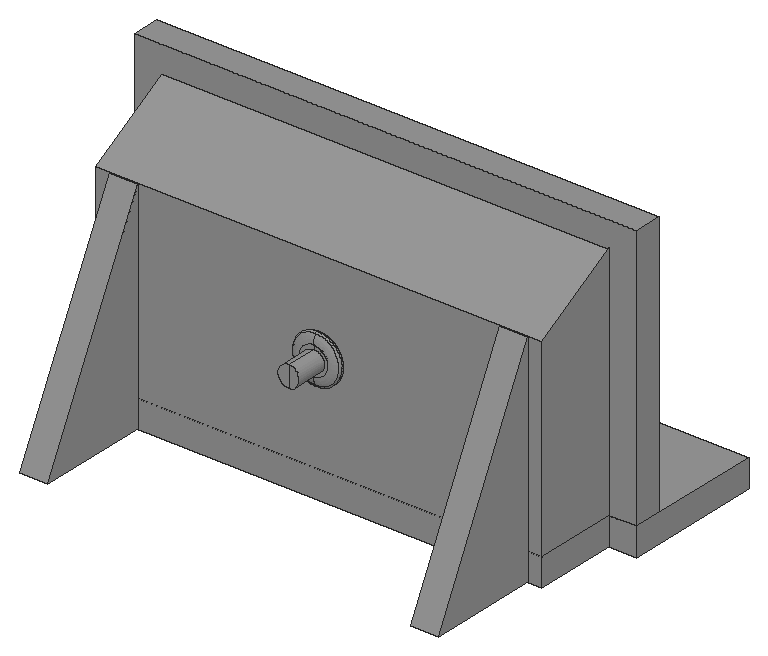
Revit family "Multi_Station_Sink-Willougby-CWMES-3620", category Plumbing Fixtures, Revit 2015
Parameters (values of type "3620")
  Width = 3' - 0"
  Waste DIA = 1 1/2"
  Waste Connection = yes
  Vent Connection = no
  URL = "https://www.willoughby-ind.com/wp-content/uploads/2018/01/CWMES.pdf"
  Type Comments = ""
  Revision = "A"
  Model = "CWMES-3620"
  Manufacturer = "Willoughby Industries"
  HW Connection = no
  Fixture Body = Stainless Steel AISI 304-Willoughby(2)
  Description = "Multi-Station Hand Sink, 36\" Wide, 2 Stations"
  Default Elevation = 0' - 0"
  Contact = "800-428-4065"
  CW Connection = no
  36" x 20" = yes
Reference planes (in)
  plane 1 "Center (Front/Back)": y = 0
  plane 2: z = 0
  plane 3 "Center (Left/Right)": x = 0
  plane 4 "Left Side": x = -18
  plane 5 "Right Side": x = 18
  plane 6 "Top Of Sink": y = 34
  plane 7 "Top Of Unit": y = 42
  plane 8 "Bottom Of Sink": y = 26
  plane 9 "Mounting Brkt": y = 18
  plane 10: z = 9.125
Forms (in)
  Extrusion 1, solid, material "Stainless Steel AISI 304-Willoughby(2)" <- "Fixture Body"
    sketch origin (0, 0, 0) x (1, 0, 0) y (0, 1, 0)
      loop
        line (-18, 42) -> (-18, 32) -> (-16, 32) -> (-16, 26) -> (16, 26) -> (16, 32) -> (18, 32) -> (18, 42) -> (-18, 42)
    from 0 to 2
  Extrusion 2, solid, material "Stainless Steel AISI 304-Willoughby(2)" <- "Fixture Body"
    sketch origin (0, 0, 0) x (0, 1, 0) y (0, 0, 1)
      loop
        line (34, 0) -> (34, 20.21818) -> (26, 15.75) -> (26, 0) -> (34, 0)
    from -16 to 16
  Sweep 3, solid, material "Stainless Steel AISI 304-Willoughby(2)" <- "Fixture Body"
    path origin (0, 0, 0) x (1, 0, 0) y (0, 0, 1)
      loop
        line (-16, 2) -> (-16, 19) -> (16, 19) -> (16, 2)
    profile origin (-16, 0, 10.5) x (-1, 0, 0) y (0, -1, 0)
      loop
        line (0, -32) -> (0, -34) -> (2, -34) -> (2, -32) -> (0, -32)
  Extrusion 4, void
    sketch origin (0, 0, 0) x (0, 1, 0) y (0, 0, 1)
      loop
        line (34, 2.25) -> (34, 19.97446) -> (26.25, 15.5) -> (26.25, 2.25) -> (34, 2.25)
    from -15.75 to 15.75
  Revolve 5, solid, material "Stainless Steel AISI 304-Willoughby(2)" <- "Fixture Body", detail levels fine
    sketch origin (0, 0, 0) x (0, 1, 0) y (0, 0, 1)
      loop
        line (26.29904, 9.125) -> (26.29904, 10.875) -> (25.88111, 10.875)
        arc (25.88111, 10.875) -> (25.8068, 10.85556) -> (25.75153, 10.80221) r 0.15173
        arc (25.75153, 10.80221) -> (25.6098, 10.48813) -> (25.54904, 10.14895) r 1.40076
        line (25.54904, 10.14895) -> (25.54904, 9.125) -> (26.29904, 9.125)
      axis (25.54904, 9.125) -> (26.29904, 9.125)
    angle from 0 to 360
  Revolve 6, solid, material "Stainless Steel AISI 304-Willoughby(2)" <- "Fixture Body", detail levels fine
    sketch origin (0, 0, 0) x (0, 1, 0) y (0, 0, 1)
      loop
        line (25.54904, 9.125) -> (25.54904, 9.875) -> (23.29904, 9.875) -> (23.29904, 9.125) -> (25.54904, 9.125)
      axis (23.29904, 9.125) -> (25.54904, 9.125)
    angle from 0 to 360
  Extrusion 7, solid, material "Stainless Steel AISI 304-Willoughby(2)" <- "Fixture Body", detail levels medium+fine
    sketch origin (0, 0, 0) x (0, 1, 0) y (0, 0, 1)
      loop
        line (26, 0) -> (26, 15.75) -> (18, 0) -> (26, 0)
    from -15 to -13
  Extrusion 8, solid, material "Stainless Steel AISI 304-Willoughby(2)" <- "Fixture Body", detail levels medium+fine
    sketch origin (0, 0, 0) x (0, 1, 0) y (0, 0, 1)
      loop
        line (26, 0) -> (26, 15.75) -> (18, 0) -> (26, 0)
    from 15 to 13
Cuts and joins
  Extrusion 4 cuts Extrusion 2
  Extrusion 4 cuts Sweep 3
Lines and regions (in)
  symbolic lines
    curve 1: line (-18, 32, 0) -> (-18, 42, 0)
    curve 2: line (-18, 42, 0) -> (18, 42, 0)
    curve 3: line (18, 42, 0) -> (18, 32, 0)
    curve 4: line (-18, 32, 0) -> (-16, 32, 0)
    curve 5: line (-16, 32, 0) -> (16, 32, 0)
    curve 6: line (16, 32, 0) -> (18, 32, 0)
    curve 7: line (16, 32, 0) -> (16, 26, 0)
    curve 8: line (16, 26, 0) -> (-16, 26, 0)
    curve 9: line (-16, 26, 0) -> (-16, 32, 0)
    curve 19: line (-1.75, 26, 0) -> (-1.75, 25.8956, 0)
    curve 20: line (1.75, 26, 0) -> (1.75, 25.8956, 0)
    curve 30: line (18, 0, 0) -> (18, 0, 21)
    curve 31: line (18, 0, 21) -> (-18, 0, 21)
    curve 32: line (-18, 0, 21) -> (-18, 0, 0)
    curve 33: line (-18, 0, 0) -> (18, 0, 0)
    curve 40: line (0, 26, 0) -> (0, 42, 0)
    curve 41: line (0, 42, 0) -> (0, 42, 2)
    curve 42: line (0, 42, 2) -> (0, 26, 2)
    curve 43: line (0, 34, 2) -> (0, 34, 21)
    curve 44: line (0, 34, 21) -> (0, 32, 21)
    curve 45: line (0, 32, 21) -> (0, 32, 0)
    curve 46: line (0, 34, 0) -> (0, 34, 2)
    curve 47: line (0, 34, 20.21818) -> (0, 26, 15.75)
    curve 48: line (0, 26, 15.75) -> (0, 26, 0)
  symbolic lines, detail levels medium+fine
    curve 10: line (-15, 26, 0) -> (-15, 18, 0)
    curve 11: line (-15, 18, 0) -> (-13, 18, 0)
    curve 12: line (-13, 18, 0) -> (-13, 26, 0)
    curve 13: line (15, 26, 0) -> (15, 18, 0)
    curve 14: line (15, 18, 0) -> (13, 18, 0)
    curve 15: line (13, 18, 0) -> (13, 26, 0)
    curve 29: line (-18, 34, 0) -> (18, 34, 0)
    curve 34: line (18, 0, 2) -> (-18, 0, 2)
    curve 35: line (-15.75, 0, 2) -> (-15.75, 0, 19.97446)
    curve 36: line (-15.75, 0, 19.97446) -> (15.75, 0, 19.97446)
    curve 37: line (15.75, 0, 19.97446) -> (15.75, 0, 2)
    curve 49: line (0, 26, 15.75) -> (0, 18, 0)
    curve 50: line (0, 18, 0) -> (0, 26, 0)
  symbolic lines, detail levels fine
    curve 16: line (0.75, 23.29904, 0) -> (0.75, 25.54904, 0)
    curve 17: line (0.75, 23.29904, 0) -> (-0.75, 23.29904, 0)
    curve 18: line (-0.75, 23.29904, 0) -> (-0.75, 25.54904, 0)
    curve 21: arc (1.75, 25.8956, 0) -> (1.73479, 25.80933, 0) -> (1.69099, 25.73346, 0) r 0.25224
    curve 22: arc (1.69099, 25.73346, 0) -> (1.59703, 25.68665, 0) -> (1.49937, 25.64815, 0) r 1.2101
    curve 23: arc (1.49937, 25.64815, 0) -> (1.27107, 25.58065, 0) -> (1.03766, 25.53377, 0) r 2.66813
    curve 24: arc (1.03766, 25.53377, 0) -> (0.89383, 25.53185, 0) -> (0.75, 25.53377, 0) r 5.39805
    curve 25: line (0.75, 25.54904, 0) -> (-0.75, 25.54904, 0)
    curve 26: arc (-1.75, 25.8956, 0) -> (-1.73113, 25.8105, 0) -> (-1.67807, 25.74134, 0) r 0.20137
    curve 27: arc (-1.67807, 25.74134, 0) -> (-1.38605, 25.60652, 0) -> (-1.07056, 25.54395, 0) r 1.36168
    curve 28: arc (-1.07056, 25.54395, 0) -> (-0.90887, 25.53769, 0) -> (-0.74718, 25.54395, 0) r 2.09106
    curve 38: circle (0, 0, 9.125) r 0.75 normal (0, -1, 0)
    curve 39: circle (0, 0, 9.125) r 1.75 normal (0, -1, 0)
Dimensions and locks (in)
  equal spacing: plane 4 "Left Side", plane 3 "Center (Left/Right)", plane 5 "Right Side"
  "Width": plane 4 "Left Side" to plane 5 "Right Side"
  locked: plane 4 "Left Side" to cut or joined group of Extrusion 2, Extrusion 4 at 2
  locked: cut or joined group of Extrusion 2, Extrusion 4 to plane 5 "Right Side" at 2
  locked: plane 4 "Left Side" to Extrusion 7 at 3
  locked: Extrusion 8 to plane 5 "Right Side" at 3
  locked: Extrusion 7 to Extrusion 7 at 2
  locked: Extrusion 8 to Extrusion 8 at 2
  locked: cut or joined group of Extrusion 2, Extrusion 4 to cut or joined group of Extrusion 2, Extrusion 4 at 0.25  (x2)
  aligned and locked: plane 7 "Top Of Unit" to Extrusion 1
  aligned and locked: Extrusion 1 to plane 5 "Right Side"
  aligned and locked: Extrusion 1 to plane 8 "Bottom Of Sink"
  aligned and locked: Extrusion 1 to level
  aligned and locked: plane 4 "Left Side" to Extrusion 1
  aligned and locked: plane 6 "Top Of Sink" to Extrusion 2
  aligned and locked: Extrusion 2 to plane 8 "Bottom Of Sink"
  aligned and locked: Extrusion 2 to level
  aligned and locked: Extrusion 2 to Extrusion 1
  aligned and locked: Revolve 5 sketch curve to Revolve 5 sketch curve  (x2)
  aligned and locked: Revolve 6 sketch curve to Revolve 6 sketch curve  (x2)
  aligned and locked: plane 8 "Bottom Of Sink" to Extrusion 7
  aligned and locked: Extrusion 7 to level
  aligned and locked: plane 8 "Bottom Of Sink" to Extrusion 8
  aligned and locked: curve 1 to Extrusion 1
Automatic sketch dimensions
  Extrusion 1 sketch curve to plane 4 "Left Side" = 0' - 0"
  Extrusion 1 sketch curve to plane 8 "Bottom Of Sink" = 0' - 0"
  Extrusion 1 sketch curve to plane 5 "Right Side" = 0' - 0"
  Extrusion 1 sketch curve to plane 7 "Top Of Unit" = 0' - 0"
  Extrusion 1 sketch curve to Extrusion 1 sketch curve = 0' - 2"
  plane 5 "Right Side" to Extrusion 1 sketch curve = 0' - 2"
  Extrusion 1 sketch curve to plane 6 "Top Of Sink" = 0' - 2"  (x2)
  Extrusion 2 sketch curve to plane 8 "Bottom Of Sink" = 0' - 0"
  Extrusion 2 sketch curve to level = 0' - 0"
  plane 6 "Top Of Sink" to Extrusion 2 sketch curve = 0' - 0"
  level to Extrusion 2 sketch curve = 1' - 3 3/4"
  Extrusion 2 sketch curve to Extrusion 2 sketch curve = 0' - 4.46818"
  Sweep 3 sketch curve to profile plane = 0' - 0"
  Sweep 3 sketch curve to profile plane = 0' - 2"
  Sweep 3 sketch curve to plane 1 "Center (Front/Back)" = 2' - 10"
  Sweep 3 sketch curve to Sweep 3 sketch curve = 0' - 2"
  Sweep 3 sketch curve to plane 4 "Left Side" = 0' - 2"
  level to Sweep 3 sketch curve = 1' - 7"
  plane 5 "Right Side" to Sweep 3 sketch curve = 0' - 2"
  level to Sweep 3 sketch curve = 0' - 2"  (x2)
  Extrusion 4 sketch curve to plane 6 "Top Of Sink" = 0' - 0"
  plane 8 "Bottom Of Sink" to Extrusion 4 sketch curve = 0' - 0 1/4"
  Extrusion 4 sketch curve to Extrusion 4 sketch curve = 1' - 1 1/4"
  Extrusion 4 sketch curve to Extrusion 4 sketch curve = 0' - 4.47446"
  level to Extrusion 4 sketch curve = 0' - 2 1/4"
  Revolve 5 sketch curve to plane 10 = 0' - 0"
  Revolve 5 sketch curve to plane 8 "Bottom Of Sink" = 0' - 0.45096"
  Revolve 5 sketch curve to plane 8 "Bottom Of Sink" = 0' - 0.11889"
  plane 8 "Bottom Of Sink" to Revolve 5 sketch curve = 0' - 0.29904"
  plane 8 "Bottom Of Sink" to Revolve 5 sketch curve = 0' - 0.94776"
  plane 10 to Revolve 5 sketch curve = 0' - 0.9484"
  plane 10 to Revolve 5 sketch curve = 0' - 1.02395"
  Revolve 5 sketch curve to Revolve 5 sketch curve = 0' - 0.57432"
  Revolve 5 sketch curve to Revolve 5 sketch curve = 0' - 0.15173"
  Revolve 5 sketch curve to Revolve 5 sketch curve = 0' - 0"
  Revolve 6 sketch curve to plane 10 = 0' - 0"
  Revolve 6 sketch curve to plane 8 "Bottom Of Sink" = 0' - 2.70096"
  Revolve 6 sketch curve to plane 8 "Bottom Of Sink" = 0' - 0.45096"
  plane 10 to Revolve 6 sketch curve = 0' - 0 3/4"
  Revolve 6 sketch curve to Revolve 6 sketch curve = 0' - 0"
  Extrusion 7 sketch curve to level = 0' - 0"
  Extrusion 7 sketch curve to plane 9 "Mounting Brkt" = 0' - 0"
  Extrusion 7 sketch curve to plane 8 "Bottom Of Sink" = 0' - 0"
  plane 10 to Extrusion 7 sketch curve = 0' - 6 5/8"
  Extrusion 8 sketch curve to level = 0' - 0"
  Extrusion 8 sketch curve to plane 9 "Mounting Brkt" = 0' - 0"
  Extrusion 8 sketch curve to plane 8 "Bottom Of Sink" = 0' - 0"
  plane 10 to Extrusion 8 sketch curve = 0' - 6 5/8"
  curve 9 to plane 8 "Bottom Of Sink" = 0' - 0"
  curve 11 to plane 9 "Mounting Brkt" = 0' - 0"
  plane 9 "Mounting Brkt" to curve 15 = 0' - 0"
  curve 6 to plane 5 "Right Side" = 0' - 0"
  curve 29 to plane 6 "Top Of Sink" = 0' - 0"
  curve 1 to plane 7 "Top Of Unit" = 0' - 0"
  curve 9 to plane 4 "Left Side" = 0' - 2"
  curve 11 to plane 4 "Left Side" = 0' - 3"
  curve 10 to curve 12 = 0' - 2"
  curve 19 to plane 8 "Bottom Of Sink" = 0' - 0.1044"
  curve 19 to plane 3 "Center (Left/Right)" = 0' - 1 3/4"
  curve 26 to curve 26 = 0' - 0.20137"
  curve 27 to plane 3 "Center (Left/Right)" = 0' - 0.96527"
  curve 27 to curve 28 = 0' - 0.0564"
  curve 18 to plane 3 "Center (Left/Right)" = 0' - 0 3/4"
  plane 3 "Center (Left/Right)" to curve 23 = 0' - 0.62947"
  plane 3 "Center (Left/Right)" to curve 17 = 0' - 0 3/4"
  plane 3 "Center (Left/Right)" to curve 24 = 0' - 0.89388"
  plane 3 "Center (Left/Right)" to curve 22 = 0' - 1.10484"
  curve 21 to plane 8 "Bottom Of Sink" = 0' - 0.1044"
  curve 16 to curve 21 = 0' - 0.74776"
  curve 21 to curve 20 = 0' - 0.25224"
  plane 5 "Right Side" to curve 15 = 0' - 5"
  curve 14 to curve 13 = 0' - 2"
  curve 13 to curve 8 = 0' - 1"
  curve 16 to plane 8 "Bottom Of Sink" = 0' - 2.70096"
  curve 16 to plane 8 "Bottom Of Sink" = 0' - 0.45096"
  plane 8 "Bottom Of Sink" to curve 22 = 0' - 0.79213"
  plane 8 "Bottom Of Sink" to curve 27 = 0' - 0.90155"
  curve 27 to curve 28 = 0' - 0.7272"
  curve 22 to curve 23 = 0' - 1.37836"
  curve 23 to curve 24 = 0' - 2.75941"
  curve 5 to plane 6 "Top Of Sink" = 0' - 2"
  curve 26 to curve 26 = 0' - 0.07193"
  curve 28 to curve 27 = 0' - 0"
  curve 18 to curve 28 = 0' - 0.00282"
  curve 24 to curve 23 = 0' - 0.28766"
  curve 21 to curve 23 = 0' - 0.00161"
  curve 22 to curve 23 = 0' - 0"
  curve 38 to curve 39 = 0' - 0"  (x2)
  plane 4 "Left Side" to curve 34 = 0' - 0"
  curve 38 to plane 3 "Center (Left/Right)" = 0' - 0"
  plane 5 "Right Side" to curve 31 = 0' - 0"
  curve 33 to level = 0' - 0"
  curve 38 to plane 10 = 0' - 0"
  curve 35 to plane 4 "Left Side" = 0' - 2 1/4"
  plane 5 "Right Side" to curve 37 = 0' - 2 1/4"
  plane 10 to curve 37 = 0' - 10.84946"
  curve 36 to curve 30 = 0' - 1.02554"
  level to curve 34 = 0' - 2"
  curve 50 to plane 9 "Mounting Brkt" = 0' - 0"
  curve 49 to level = 0' - 0"
  curve 40 to plane 8 "Bottom Of Sink" = 0' - 0"
  curve 46 to plane 6 "Top Of Sink" = 0' - 0"
  curve 47 to plane 6 "Top Of Sink" = 0' - 0"
  curve 41 to plane 7 "Top Of Unit" = 0' - 0"
  curve 44 to plane 6 "Top Of Sink" = 0' - 2"
  level to curve 42 = 0' - 2"
  plane 10 to curve 49 = 0' - 6 5/8"
  curve 47 to curve 45 = 0' - 5 1/4"
  curve 47 to curve 43 = 0' - 0.78182"
  radius of curve 38 = 0' - 0 3/4"
  radius of curve 39 = 0' - 1 3/4"
Connectors (in)
  piping at (0, 23.29904, 9.125), diameter 1.5, driven by "Waste DIA", driven by "Waste Connection"
    settings: on Revolve 6, index 1, connector inside diameter 24", connector length 0' - 0", flow factor 0, pipe flow 0 GPM, pressure drop 0.00 psi, fitting loss kfactor 0, connector angle 0.00°, fixture units 0, engagement length 0' - 0", angle of deflection 0.00°, flow configuration 0, flow direction 2, fitting loss method 0, system type 16, joint type 0, gender type 0, connector reference index -1, connector utility 1, adjustable connector no, is connector primary yes, connector description "Sink Waste"
